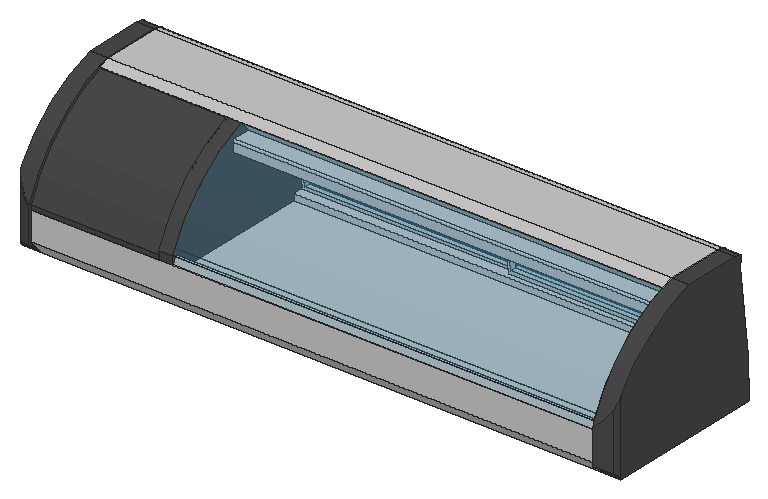
Revit family "QF_EVEREST_ESC47L", category Specialty Equipment, Revit 2015
Parameters (values of type "ESC47L")
  Weight in Pounds = 105
  Watts = if(Phase = 3, Volts * FL Amps * 1.73, Volts * FL Amps)  # 172.5 W
  Volts = 115 V
  URL Cutsheet = ""
  Specification by User = ""
  Specification by Manufacturer = ""
  Show Clearance [instance] = yes
  Show 4 Inches Back Splash [instance] = yes
  Serial Number = ""
  Seismic Rating = ""
  SMACNA No = ""
  Revision Code = ""
  Refrigerant Type [instance] = "R290"
  Phase = 1
  Number of Poles = 1
  NAFEM Spec ID Number = ""
  Model = "ESC47L"
  Min Ckt Ampacity = 0 A
  Max Overcurrent Protection = 0 A
  Masterspec = ""
  Manufacturer = "EVEREST"
  Length = 1200.00 mm
  Item Number = ""
  Installed By = ""
  Identify Quantity as Lot = yes
  Height = 283.00 mm
  HP = "1/8"
  Furnished By = ""
  Foodservice Equipment Identifier = yes
  FL Amps = 1.5 A
  Electrical Remarks = ""
  Electric Connection Type = ""
  Elec Conn RI Height = 0.00 mm
  Elec Conn Connection Height = 0.00 mm
  Description = "COUNTERTOP REFRIGERATED DISPLAY CASE"
  Depth = 349.00 mm
  Cycle = 60 Hz
  Conn Plug = "NEMA 5-15P"
  Conn Conduit = yes
  CSI MasterFormat = ""
  Base Height [instance] = if(Show 5 Inches Caster, 125.00 mm, 64.00 mm)  # 125.00 mm
  BTUH [instance] = 1211.0 Btu/h
  Apparent Power = if(Phase = 3, Volts * FL Amps * 1.73, Volts * FL Amps)  # 172.5 VA
  Show 5 Inches Caster [instance] = not(Show 2.5 Inches Caster)  # yes
  Show 2.5 Inches Caster [instance] = no
Reference planes
  plane 1 "BACK": y = 0
  plane 2: z = 0
  plane 3 "LEFT": x = 0
  plane 4 "RIGHT": x = 1200
  plane 5 "FRONT": y = -349
  plane 6 "TOP": z = 283
  plane 7 "Center Y": x = 600
  plane 8 "Center X": y = -174.5
  plane 9: z = 8
  plane 10: z = 33
  plane 11: z = 95
  plane 12: y = -19
  plane 13: y = -149
  plane 14: x = 742.75
Forms (mm)
  Extrusion 1, solid, material "QF_Plastic - Black - Coarse Textured"
    sketch origin (0, 0, 0) x (0, 1, 0) y (0, 0, 1)
      loop
        line (0, 9.5) -> (0, 91.234) -> (-20.748, 259.241)
        arc (-20.748, 259.241) -> (-20.763, 259.811) -> (-20.671, 260.374) r 3
        arc (-20.671, 260.374) -> (-18.826, 269.44) -> (-18.029, 278.658) r 80.818
        arc (-18.029, 278.658) -> (-18.635, 280.519) -> (-20.285, 281.571) r 2.901
        arc (-20.285, 281.571) -> (-26.602, 282.642) -> (-33, 283) r 57.29
        line (-33, 283) -> (-149, 283)
        arc (-149, 283) -> (-271.831, 213.288) -> (-349, 95) r 299.198
        line (-349, 95) -> (-349, 34.921)
        arc (-349, 34.921) -> (-348.544, 33.304) -> (-347.311, 32.163) r 3.096
        arc (-347.311, 32.163) -> (-331.731, 21.751) -> (-319, 8) r 80
        line (-319, 8) -> (-1.5, 8)
        arc (-1.5, 8) -> (-0.439, 8.439) -> (0, 9.5) r 1.5
    from 0 to 35
  Extrusion 2, solid, material "QF_Plastic - Black - Coarse Textured"
    sketch origin (1200, 0, 0) x (0, -1, 0) y (0, 0, 1)
      loop
        arc (0, 9.5) -> (0.439, 8.439) -> (1.5, 8) r 1.5
        line (1.5, 8) -> (319, 8)
        arc (319, 8) -> (331.731, 21.751) -> (347.311, 32.163) r 80
        arc (347.311, 32.163) -> (348.544, 33.304) -> (349, 34.921) r 3.096
        line (349, 34.921) -> (349, 95)
        arc (349, 95) -> (271.831, 213.288) -> (149, 283) r 299.198
        line (149, 283) -> (33, 283)
        arc (33, 283) -> (26.602, 282.642) -> (20.285, 281.571) r 57.29
        arc (20.285, 281.571) -> (18.635, 280.519) -> (18.029, 278.658) r 2.901
        arc (18.029, 278.658) -> (18.826, 269.44) -> (20.671, 260.374) r 80.818
        arc (20.671, 260.374) -> (20.763, 259.811) -> (20.748, 259.241) r 3
        line (20.748, 259.241) -> (0, 91.234) -> (0, 9.5)
    from 0 to 35
  Extrusion 3, solid, material "QF_Metal - Stainless - Polished"
    sketch origin (35, 0, 0) x (0, 1, 0) y (0, 0, 1)
      loop
        line (0, 91.234) -> (-40, 91.234) -> (-40, 78.508) -> (-327.644, 78.508) -> (-327.644, 106) -> (-334.908, 110.194) -> (-342.65, 95) -> (-342.65, 36.888) -> (-319, 8) -> (-1.5, 8)
        arc (-1.5, 8) -> (-0.439, 8.439) -> (0, 9.5) r 1.5
        line (0, 9.5) -> (0, 91.234)
      loop
        line (-17.644, 234.109) -> (-20.748, 259.241)
        arc (-20.748, 259.241) -> (-20.763, 259.811) -> (-20.671, 260.374) r 3
        arc (-20.671, 260.374) -> (-18.826, 269.44) -> (-18.029, 278.658) r 80.818
        arc (-18.029, 278.658) -> (-18.635, 280.519) -> (-20.285, 281.571) r 2.901
        arc (-20.285, 281.571) -> (-26.602, 282.642) -> (-33, 283) r 57.29
        line (-33, 283) -> (-149, 283)
        arc (-149, 283) -> (-160.018, 279.626) -> (-170.898, 275.829) r 299.198
        line (-170.898, 275.829) -> (-155.26, 255.814) -> (-190.018, 255.814)
        arc (-190.018, 255.814) -> (-192.572, 254.756) -> (-193.63, 252.203) r 3.611
        line (-193.63, 252.203) -> (-193.63, 233.834) -> (-179.56, 225.711) -> (-65.271, 225.711) -> (-17.644, 234.109)
    from 0 to 1130
  Extrusion 4, solid, material "QF_Plastic - Black - Coarse Textured"
    sketch origin (285.5, 0, 0) x (0, 1, 0) y (0, 0, 1)
      loop
        line (-342.65, 111.411) -> (-342.65, 95) -> (-334.908, 110.194) -> (-327.644, 106) -> (-327.644, 78.508) -> (-40, 78.508) -> (-40, 91.234) -> (0, 91.234) -> (-17.644, 234.109) -> (-57.036, 227.163) -> (-65.618, 275.829) -> (-140.26, 275.829) -> (-140.26, 255.814) -> (-155.26, 255.814) -> (-170.898, 275.829)
        arc (-170.898, 275.829) -> (-273.807, 211.414) -> (-342.65, 111.411) r 299.198
    from 6.2 to 35
  Extrusion 5, solid, material "QF_Plastic - Black - Coarse Textured"
    sketch origin (35, 0, 0) x (0, 1, 0) y (0, 0, 1)
      loop
        line (-342.65, 102.954) -> (-342.65, 95) -> (-334.908, 110.194) -> (-327.644, 106) -> (-327.644, 78.508) -> (-40, 78.508) -> (-40, 91.234) -> (0, 91.234) -> (-17.644, 234.109) -> (-57.036, 227.163) -> (-65.618, 275.829) -> (-140.26, 275.829) -> (-140.26, 255.814) -> (-155.26, 255.814) -> (-168.842, 273.198)
        arc (-168.842, 273.198) -> (-274.045, 206.757) -> (-342.65, 102.954) r 296.018
    from 0 to 256.7
  Extrusion 6, solid, material "Glass"
    sketch origin (320.5, 0, 0) x (0, 1, 0) y (0, 0, 1)
      loop
        arc (-170.898, 275.829) -> (-273.807, 211.414) -> (-342.65, 111.411) r 299.198
        line (-342.65, 111.411) -> (-342.65, 95) -> (-334.908, 110.194) -> (-334.908, 120.991)
        arc (-334.908, 120.991) -> (-266.919, 213.509) -> (-168.842, 273.198) r 296.018
        line (-168.842, 273.198) -> (-170.898, 275.829)
    from 0 to 844.5
  Revolve 7, solid, material "QF_Metal - Stainless - Polished"
    sketch origin (100, 0, 0) x (0, 1, 0) y (0, 0, 1)
      loop
        line (-305.48, 8) -> (-301.947, 1.881)
        arc (-301.947, 1.881) -> (-300.57, 0.504) -> (-298.689, 0) r 3.761
        line (-298.689, 0) -> (-286.813, 0) -> (-286.813, 8) -> (-305.48, 8)
      axis (-286.813, 0) -> (-286.813, 8)
    angle from 0 to 360
  Revolve 8, solid, material "QF_Metal - Stainless - Polished"
    sketch origin (100, 246.128, 0) x (0, 1, 0) y (0, 0, 1)
      loop
        line (-305.48, 8) -> (-301.947, 1.881)
        arc (-301.947, 1.881) -> (-300.57, 0.504) -> (-298.689, 0) r 3.761
        line (-298.689, 0) -> (-286.813, 0) -> (-286.813, 8) -> (-305.48, 8)
      axis (-286.813, 0) -> (-286.813, 8)
    angle from 0 to 360
  Revolve 9, solid, material "QF_Metal - Stainless - Polished"
    sketch origin (600, 0, 0) x (0, 1, 0) y (0, 0, 1)
      loop
        line (-305.48, 8) -> (-301.947, 1.881)
        arc (-301.947, 1.881) -> (-300.57, 0.504) -> (-298.689, 0) r 3.761
        line (-298.689, 0) -> (-286.813, 0) -> (-286.813, 8) -> (-305.48, 8)
      axis (-286.813, 0) -> (-286.813, 8)
    angle from 0 to 360
  Revolve 10, solid, material "QF_Metal - Stainless - Polished"
    sketch origin (600, 246.128, 0) x (0, 1, 0) y (0, 0, 1)
      loop
        line (-305.48, 8) -> (-301.947, 1.881)
        arc (-301.947, 1.881) -> (-300.57, 0.504) -> (-298.689, 0) r 3.761
        line (-298.689, 0) -> (-286.813, 0) -> (-286.813, 8) -> (-305.48, 8)
      axis (-286.813, 0) -> (-286.813, 8)
    angle from 0 to 360
  Revolve 11, solid, material "QF_Metal - Stainless - Polished"
    sketch origin (1100, 0, 0) x (0, 1, 0) y (0, 0, 1)
      loop
        line (-305.48, 8) -> (-301.947, 1.881)
        arc (-301.947, 1.881) -> (-300.57, 0.504) -> (-298.689, 0) r 3.761
        line (-298.689, 0) -> (-286.813, 0) -> (-286.813, 8) -> (-305.48, 8)
      axis (-286.813, 0) -> (-286.813, 8)
    angle from 0 to 360
  Revolve 12, solid, material "QF_Metal - Stainless - Polished"
    sketch origin (1100, 246.128, 0) x (0, 1, 0) y (0, 0, 1)
      loop
        line (-305.48, 8) -> (-301.947, 1.881)
        arc (-301.947, 1.881) -> (-300.57, 0.504) -> (-298.689, 0) r 3.761
        line (-298.689, 0) -> (-286.813, 0) -> (-286.813, 8) -> (-305.48, 8)
      axis (-286.813, 0) -> (-286.813, 8)
    angle from 0 to 360
  Extrusion 13, void
    sketch origin (0, 0, 0) x (1, 0, 0) y (0, 1, 0)
      loop
        line (0, -319) -> (-5, -319) -> (-5, -355.044) -> (55.13, -355.044) -> (55.13, -348.998)
        arc (55.13, -348.998) -> (29.399, -345.013) -> (6.576, -332.482) r 75.099
        arc (6.576, -332.482) -> (1.778, -326.477) -> (0, -319) r 17.583
      loop
        arc (1200, -319) -> (1198.222, -326.477) -> (1193.424, -332.482) r 17.583
        arc (1193.424, -332.482) -> (1170.601, -345.013) -> (1144.87, -348.998) r 75.099
        line (1144.87, -348.998) -> (1144.87, -355.044) -> (1205, -355.044) -> (1205, -319) -> (1200, -319)
    from 0 to 304.8
  Extrusion 14, solid, material "QF_Metal - Stainless - Polished"
    sketch origin (35, 0, 9.5) x (0, 0, 1) y (1, 0, 0)
      loop
        circle (44.754, 125.25) r 5
    from 0 to 6.35
  Extrusion 15, solid, material "QF_Metal - Stainless - Polished"
    sketch origin (1165, 0, 0) x (0, -1, 0) y (0, 0, 1)
      loop
        line (20, 91.234) -> (29.851, 91.234) -> (46.853, 228.959) -> (37.34, 230.636) -> (20, 91.234)
    from 0 to 422.25
  Extrusion 16, solid, material "QF_Metal - Stainless - Polished"
    sketch origin (742.75, 0, 0) x (0, -1, 0) y (0, 0, 1)
      loop
        line (20, 91.234) -> (37.34, 230.636) -> (27.828, 232.313) -> (10.146, 91.234) -> (20, 91.234)
    from 0 to 422.25
  Extrusion 17, void
    sketch origin (742.75, -27.765, 231.809) x (0, -0.12436, 0.992237) y (-1, 0, 0)
      loop
        line (-5.842, 6.35) -> (-5.842, 415.9) -> (-135.325, 415.9) -> (-135.325, 6.35) -> (-5.842, 6.35)
      loop
        line (-132.874, -415.9) -> (-6.875, -415.9) -> (-6.875, -6.35) -> (-132.874, -6.35) -> (-132.874, -415.9)
    from 0 to 31.919
  Extrusion 18, solid, material "Glass"
    sketch origin (742.75, -27.765, 231.809) x (0, 0.12436, -0.992237) y (-1, 0, 0)
      loop
        line (135.325, 415.9) -> (5.842, 415.9) -> (5.842, 6.35) -> (135.325, 6.35) -> (135.325, 415.9)
    from 0 to -9.712
  Extrusion 19, solid, material "Glass"
    sketch origin (1165, -37.34, 230.636) x (0, 0.123439, -0.992352) y (-1, 0, 0)
      loop
        line (132.91, 6.35) -> (132.91, 415.9) -> (6.91, 415.9) -> (6.91, 6.35) -> (132.91, 6.35)
    from 0 to -9.712
  Extrusion 20, solid, material "QF_Metal - Stainless - Polished"
    sketch origin (742.75, -17.567, 233.599) x (0, -0.992237, -0.12436) y (1, 0, 0)
      loop
        line (10.341, -417.364) -> (0.121, -417.364) -> (0.121, -409.364) -> (-1.879, -409.364) -> (-1.879, -419.364) -> (10.341, -419.364) -> (10.341, -417.364)
      loop
        line (20.118, 417.364) -> (20.118, 419.364) -> (6.648, 419.364) -> (6.648, 409.364) -> (8.648, 409.364) -> (8.648, 417.364) -> (20.118, 417.364)
    from -42.344 to -98.382
Cuts and joins
  Extrusion 13 cuts Extrusion 1
  Extrusion 17 cuts Extrusion 6
  Extrusion 17 cuts Extrusion 16
  Extrusion 17 cuts Extrusion 15
  Extrusion 13 cuts Extrusion 2
Lines and regions (mm)
  symbolic lines
    curve 1: line (0, 0, 0) -> (1200, 0, 0)
    curve 2: line (1200, 0, 0) -> (1200, -319, 0)
    curve 3: line (0, 0, 0) -> (0, -319, 0)
    curve 4: line (1147.848, -349, 0) -> (52.152, -349, 0)
    curve 5: arc (6.576, -332.482, 0) -> (1.778, -326.477, 0) -> (0, -319, 0) r 17.583
    curve 6: arc (52.152, -349, 0) -> (27.994, -344.52, 0) -> (6.576, -332.482, 0) r 75.099
    curve 7: arc (1193.424, -332.482, 0) -> (1172.006, -344.52, 0) -> (1147.848, -349, 0) r 75.099
    curve 8: arc (1200, -319, 0) -> (1198.222, -326.477, 0) -> (1193.424, -332.482, 0) r 17.583
    curve 9: line (35, -346.678, 0) -> (35, 0, 0)
    curve 10: line (1165, 0, 0) -> (1165, -346.678, 0)
    curve 11: line (35, -149, 0) -> (1165, -149, 0)
    curve 12: line (35, -170.898, 0) -> (1165, -170.898, 0)
    curve 13: line (291.7, -170.898, 0) -> (291.7, -342.65, 0)
    curve 14: line (320.5, -170.898, 0) -> (320.5, -342.65, 0)
    curve 15: line (35, -342.65, 0) -> (1165, -342.65, 0)
Dimensions and locks
  equal spacing: plane 3 "LEFT", plane 7 "Center Y", plane 4 "RIGHT"
  "Length": plane 3 "LEFT" to plane 4 "RIGHT"
  equal spacing: plane 5 "FRONT", plane 8 "Center X", plane 1 "BACK"
  "Depth": plane 5 "FRONT" to plane 1 "BACK"
  "Height": plane 6 "TOP" to plane 2
  plane 9 to plane 2 = 8.00 mm
  plane 10 to plane 9 = 25.00 mm
  plane 11 to plane 9 = 87.00 mm
  aligned and locked: plane 2 to level
Automatic sketch dimensions
  Extrusion 1 sketch curve to plane 5 "FRONT" = 0.00 mm
  Extrusion 1 sketch curve to plane 9 = 0.00 mm
  Extrusion 1 sketch curve to plane 6 "TOP" = 0.00 mm
  Extrusion 1 sketch curve to plane 13 = 0.00 mm
  Extrusion 1 sketch curve to plane 1 "BACK" = 0.00 mm
  Extrusion 1 sketch curve to plane 11 = 0.00 mm
  plane 5 "FRONT" to Extrusion 1 sketch curve = 34.666 mm
  Extrusion 1 sketch curve to Extrusion 1 sketch curve = 3.096 mm
  Extrusion 1 sketch curve to plane 5 "FRONT" = 30.00 mm
  Extrusion 1 sketch curve to plane 6 "TOP" = 2.00 mm
  plane 13 to Extrusion 1 sketch curve = 50.187 mm
  Extrusion 1 sketch curve to level = 4.716 mm
  Extrusion 1 sketch curve to plane 12 = 14.00 mm
  Extrusion 1 sketch curve to plane 12 = 1.928 mm
  Extrusion 1 sketch curve to plane 12 = 1.748 mm
  plane 12 to Extrusion 1 sketch curve = 1.23 mm
  plane 1 "BACK" to Extrusion 1 sketch curve = 1.50 mm
  Extrusion 1 sketch curve to level = 39.099 mm
  plane 10 to Extrusion 1 sketch curve = 1.921 mm
  Extrusion 1 sketch curve to plane 11 = 3.766 mm
  Extrusion 1 sketch curve to Extrusion 1 sketch curve = 57.29 mm
  Extrusion 1 sketch curve to plane 6 "TOP" = 23.759 mm
  Extrusion 1 sketch curve to Extrusion 1 sketch curve = 0.368 mm
  Extrusion 1 sketch curve to plane 6 "TOP" = 4.258 mm
  Extrusion 1 sketch curve to Extrusion 1 sketch curve = 0.00 mm  (x2)
  Extrusion 2 sketch curve to plane 1 "BACK" = 0.00 mm
  Extrusion 2 sketch curve to plane 9 = 0.00 mm
  Extrusion 2 sketch curve to plane 6 "TOP" = 0.00 mm
  Extrusion 2 sketch curve to plane 13 = 0.00 mm
  Extrusion 2 sketch curve to plane 5 "FRONT" = 0.00 mm
  Extrusion 2 sketch curve to plane 11 = 0.00 mm
  Extrusion 2 sketch curve to Extrusion 2 sketch curve = 1.50 mm
  plane 12 to Extrusion 2 sketch curve = 1.23 mm
  Extrusion 2 sketch curve to plane 12 = 1.748 mm
  Extrusion 2 sketch curve to plane 12 = 1.928 mm
  Extrusion 2 sketch curve to plane 12 = 14.00 mm
  Extrusion 2 sketch curve to level = 4.716 mm
  Extrusion 2 sketch curve to plane 6 "TOP" = 2.00 mm
  plane 13 to Extrusion 2 sketch curve = 50.187 mm
  Extrusion 2 sketch curve to plane 5 "FRONT" = 30.00 mm
  Extrusion 2 sketch curve to Extrusion 2 sketch curve = 3.096 mm
  plane 5 "FRONT" to Extrusion 2 sketch curve = 34.666 mm
  Extrusion 2 sketch curve to level = 39.099 mm
  plane 10 to Extrusion 2 sketch curve = 1.921 mm
  Extrusion 2 sketch curve to plane 11 = 3.766 mm
  Extrusion 2 sketch curve to Extrusion 2 sketch curve = 57.29 mm
  Extrusion 2 sketch curve to plane 6 "TOP" = 23.759 mm
  Extrusion 2 sketch curve to Extrusion 2 sketch curve = 0.368 mm
  Extrusion 2 sketch curve to plane 6 "TOP" = 4.258 mm
  plane 12 to Extrusion 2 sketch curve = 0.971 mm
  Extrusion 2 sketch curve to Extrusion 2 sketch curve = 0.00 mm
  Extrusion 3 sketch curve to Extrusion 1 = 0.00 mm  (x2)
  Extrusion 3 sketch curve to Extrusion 1 = 27.186 mm
  Extrusion 3 sketch curve to Extrusion 3 sketch curve = 6.26 mm
  Extrusion 3 sketch curve to Extrusion 1 = 7.171 mm
  Extrusion 3 sketch curve to Extrusion 3 sketch curve = 24.30 mm
  Extrusion 3 sketch curve to Extrusion 3 sketch curve = 19.121 mm
  Extrusion 3 sketch curve to Extrusion 3 sketch curve = 3.611 mm
  Extrusion 3 sketch curve to Extrusion 1 = 30.00 mm
  Extrusion 3 sketch curve to Extrusion 1 = 21.356 mm
  Extrusion 3 sketch curve to Extrusion 3 sketch curve = 7.264 mm
  Extrusion 3 sketch curve to Extrusion 1 = 6.35 mm
  Extrusion 3 sketch curve to Extrusion 3 sketch curve = 32.271 mm
  Extrusion 3 sketch curve to Extrusion 1 = 40.00 mm
  Extrusion 3 sketch curve to Extrusion 3 sketch curve = 0.077 mm
  Extrusion 3 sketch curve to Extrusion 3 sketch curve = 15.356 mm
  Extrusion 3 sketch curve to Extrusion 1 = 28.888 mm
  Extrusion 3 sketch curve to Extrusion 3 sketch curve = 41.62 mm
  Extrusion 3 sketch curve to Extrusion 3 sketch curve = 16.492 mm
  Extrusion 3 sketch curve to Extrusion 3 sketch curve = 11.00 mm
  Extrusion 3 sketch curve to Extrusion 3 sketch curve = 4.194 mm
  Extrusion 3 sketch curve to Extrusion 3 sketch curve = 26.491 mm
  Extrusion 3 sketch curve to Extrusion 3 sketch curve = 8.123 mm
  Extrusion 4 sketch curve to plane 11 = 0.00 mm
  Extrusion 4 sketch curve to plane 1 "BACK" = 0.00 mm
  plane 12 to Extrusion 4 sketch curve = 1.356 mm
  Extrusion 4 sketch curve to plane 11 = 3.766 mm
  Extrusion 4 sketch curve to plane 12 = 21.00 mm
  Extrusion 4 sketch curve to plane 12 = 38.036 mm
  Extrusion 4 sketch curve to plane 6 "TOP" = 7.171 mm
  Extrusion 4 sketch curve to plane 12 = 46.618 mm
  Extrusion 4 sketch curve to level = 4.716 mm
  Extrusion 4 sketch curve to plane 12 = 47.907 mm
  plane 13 to Extrusion 4 sketch curve = 8.74 mm
  Extrusion 4 sketch curve to plane 13 = 6.26 mm
  plane 8 "Center X" to Extrusion 4 sketch curve = 3.602 mm
  Extrusion 4 sketch curve to plane 5 "FRONT" = 21.356 mm
  Extrusion 4 sketch curve to Extrusion 4 sketch curve = 7.264 mm
  Extrusion 4 sketch curve to plane 5 "FRONT" = 6.35 mm
  Extrusion 4 sketch curve to plane 11 = 16.492 mm
  plane 11 to Extrusion 4 sketch curve = 11.00 mm
  Extrusion 4 sketch curve to Extrusion 4 sketch curve = 4.194 mm
  Extrusion 4 sketch curve to Extrusion 4 sketch curve = 1.218 mm
  Extrusion 4 sketch curve to Extrusion 4 sketch curve = 48.666 mm
  Extrusion 4 sketch curve to Extrusion 4 sketch curve = 20.015 mm
  Extrusion 5 sketch curve to Extrusion 1 = 0.00 mm  (x3)
  Extrusion 5 sketch curve to Extrusion 1 = 27.186 mm
  Extrusion 5 sketch curve to Extrusion 1 = 140.26 mm
  Extrusion 5 sketch curve to Extrusion 5 sketch curve = 15.00 mm
  Extrusion 5 sketch curve to Extrusion 1 = 9.802 mm
  Extrusion 5 sketch curve to Extrusion 1 = 21.356 mm
  Extrusion 5 sketch curve to Extrusion 5 sketch curve = 7.264 mm
  Extrusion 5 sketch curve to Extrusion 1 = 6.35 mm
  Extrusion 5 sketch curve to Extrusion 1 = 7.171 mm
  Extrusion 5 sketch curve to Extrusion 1 = 65.618 mm
  Extrusion 5 sketch curve to Extrusion 5 sketch curve = 8.581 mm
  Extrusion 5 sketch curve to Extrusion 1 = 40.00 mm
  Extrusion 5 sketch curve to Extrusion 1 = 17.644 mm
  Extrusion 5 sketch curve to Extrusion 5 sketch curve = 12.726 mm
  Extrusion 5 sketch curve to Extrusion 5 sketch curve = 7.954 mm
  Extrusion 5 sketch curve to Extrusion 5 sketch curve = 3.046 mm
  Extrusion 5 sketch curve to Extrusion 5 sketch curve = 4.194 mm
  Extrusion 6 sketch curve to Extrusion 4 = 0.00 mm  (x5)
  Extrusion 4 to Extrusion 6 sketch curve = 0.00 mm
  Revolve 7 sketch curve to plane 9 = 0.00 mm
  Revolve 7 sketch curve to level = 0.00 mm
  Revolve 7 sketch curve to plane 5 "FRONT" = 43.52 mm
  level to Revolve 7 sketch curve = 1.881 mm
  Revolve 7 sketch curve to Revolve 7 sketch curve = 3.533 mm
  level to Revolve 7 sketch curve = 3.761 mm
  Revolve 7 sketch curve to Revolve 7 sketch curve = 11.876 mm
  Revolve 7 sketch curve to Revolve 7 sketch curve = 0.00 mm
  plane 9 to Revolve 7 sketch curve = 2.06 mm
  Revolve 7 sketch curve to Revolve 7 sketch curve = 2.108 mm
  Revolve 8 sketch curve to plane 9 = 0.00 mm
  Revolve 8 sketch curve to level = 0.00 mm
  Revolve 8 sketch curve to plane 12 = 40.351 mm
  level to Revolve 8 sketch curve = 1.881 mm
  Revolve 8 sketch curve to Revolve 8 sketch curve = 3.533 mm
  Revolve 8 sketch curve to Revolve 8 sketch curve = 3.257 mm
  Revolve 8 sketch curve to Revolve 8 sketch curve = 11.876 mm
  Revolve 8 sketch curve to Revolve 8 sketch curve = 0.00 mm
  plane 9 to Revolve 8 sketch curve = 2.06 mm
  Revolve 8 sketch curve to Revolve 8 sketch curve = 2.108 mm
  Revolve 9 sketch curve to plane 9 = 0.00 mm
  Revolve 9 sketch curve to level = 0.00 mm
  Revolve 9 sketch curve to plane 5 "FRONT" = 43.52 mm
  level to Revolve 9 sketch curve = 1.881 mm
  Revolve 9 sketch curve to Revolve 9 sketch curve = 3.533 mm
  level to Revolve 9 sketch curve = 3.761 mm
  Revolve 9 sketch curve to Revolve 9 sketch curve = 11.876 mm
  Revolve 9 sketch curve to Revolve 9 sketch curve = 0.00 mm
  plane 9 to Revolve 9 sketch curve = 2.06 mm
  Revolve 9 sketch curve to Revolve 9 sketch curve = 2.108 mm
  Revolve 10 sketch curve to plane 9 = 0.00 mm
  Revolve 10 sketch curve to level = 0.00 mm
  Revolve 10 sketch curve to plane 12 = 40.351 mm
  level to Revolve 10 sketch curve = 1.881 mm
  Revolve 10 sketch curve to Revolve 10 sketch curve = 3.533 mm
  level to Revolve 10 sketch curve = 3.761 mm
  Revolve 10 sketch curve to Revolve 10 sketch curve = 11.876 mm
  Revolve 10 sketch curve to Revolve 10 sketch curve = 0.00 mm
  plane 9 to Revolve 10 sketch curve = 2.06 mm
  Revolve 10 sketch curve to Revolve 10 sketch curve = 2.108 mm
  Revolve 11 sketch curve to plane 9 = 0.00 mm
  Revolve 11 sketch curve to level = 0.00 mm
  Revolve 11 sketch curve to plane 5 "FRONT" = 43.52 mm
  level to Revolve 11 sketch curve = 1.881 mm
  Revolve 11 sketch curve to Revolve 11 sketch curve = 3.533 mm
  level to Revolve 11 sketch curve = 3.761 mm
  Revolve 11 sketch curve to Revolve 11 sketch curve = 11.876 mm
  Revolve 11 sketch curve to Revolve 11 sketch curve = 0.00 mm
  plane 9 to Revolve 11 sketch curve = 2.06 mm
  Revolve 11 sketch curve to Revolve 11 sketch curve = 2.108 mm
  Revolve 12 sketch curve to plane 9 = 0.00 mm
  Revolve 12 sketch curve to level = 0.00 mm
  Revolve 12 sketch curve to plane 12 = 40.351 mm
  level to Revolve 12 sketch curve = 1.881 mm
  Revolve 12 sketch curve to Revolve 12 sketch curve = 3.533 mm
  level to Revolve 12 sketch curve = 3.761 mm
  Revolve 12 sketch curve to Revolve 12 sketch curve = 11.876 mm
  Revolve 12 sketch curve to Revolve 12 sketch curve = 0.00 mm
  plane 9 to Revolve 12 sketch curve = 2.06 mm
  Revolve 12 sketch curve to Revolve 12 sketch curve = 2.108 mm
  Extrusion 13 sketch curve to plane 3 "LEFT" = 0.00 mm
  Extrusion 13 sketch curve to plane 4 "RIGHT" = 0.00 mm
  Extrusion 13 sketch curve to plane 3 "LEFT" = 5.00 mm
  plane 3 "LEFT" to Extrusion 13 sketch curve = 17.582 mm
  plane 3 "LEFT" to Extrusion 13 sketch curve = 53.583 mm
  plane 5 "FRONT" to Extrusion 13 sketch curve = 6.044 mm  (x2)
  Extrusion 13 sketch curve to Extrusion 13 sketch curve = 37.549 mm
  Extrusion 13 sketch curve to plane 5 "FRONT" = 0.002 mm  (x2)
  plane 4 "RIGHT" to Extrusion 13 sketch curve = 55.13 mm
  plane 4 "RIGHT" to Extrusion 13 sketch curve = 53.583 mm
  plane 4 "RIGHT" to Extrusion 13 sketch curve = 17.582 mm
  Extrusion 13 sketch curve to plane 4 "RIGHT" = 5.00 mm
  Extrusion 13 sketch curve to plane 5 "FRONT" = 30.00 mm  (x2)
  Extrusion 13 sketch curve to Extrusion 13 sketch curve = 0.231 mm  (x2)
  Extrusion 13 sketch curve to Extrusion 13 sketch curve = 44.855 mm  (x2)
  Extrusion 14 sketch curve to Extrusion 3 = 36.98 mm
  Extrusion 3 to Extrusion 14 sketch curve = 125.25 mm
  Extrusion 16 sketch curve to Extrusion 15 = 0.00 mm  (x3)
  Extrusion 15 to Extrusion 16 sketch curve = 0.00 mm  (x2)
  Extrusion 16 sketch curve to Extrusion 15 = 141.079 mm
  Extrusion 16 sketch curve to Extrusion 16 sketch curve = 9.854 mm
  Extrusion 17 sketch curve to Extrusion 16 = 6.35 mm  (x4)
  Extrusion 16 to Extrusion 17 sketch curve = 6.35 mm
  Extrusion 17 sketch curve to Extrusion 16 = 8.801 mm
  Extrusion 17 sketch curve to Extrusion 16 = 7.383 mm
  Extrusion 17 sketch curve to Extrusion 17 sketch curve = 409.55 mm
  Extrusion 15 sketch curve to Extrusion 2 = 54.041 mm
  Extrusion 15 sketch curve to Extrusion 15 sketch curve = 1.677 mm
  Extrusion 15 sketch curve to Extrusion 15 sketch curve = 9.851 mm
  Extrusion 15 sketch curve to Extrusion 2 = 20.00 mm
  Extrusion 15 sketch curve to Extrusion 2 = 37.34 mm
  Extrusion 15 sketch curve to Extrusion 15 sketch curve = 9.513 mm
  Extrusion 15 sketch curve to Extrusion 2 = 83.234 mm
  Extrusion 16 to Extrusion 18 sketch curve = 6.35 mm  (x4)
  Extrusion 15 to Extrusion 19 sketch curve = 6.91 mm
  Extrusion 15 to Extrusion 19 sketch curve = 7.567 mm
  Extrusion 15 to Extrusion 19 sketch curve = 6.35 mm  (x2)
  Extrusion 20 sketch curve to plane 7 "Center Y" = 266.614 mm
  Extrusion 20 sketch curve to Extrusion 20 sketch curve = 2.00 mm  (x4)
  plane 4 "RIGHT" to Extrusion 20 sketch curve = 37.886 mm
  Extrusion 20 sketch curve to Extrusion 20 sketch curve = 6.527 mm
  Extrusion 20 sketch curve to Extrusion 20 sketch curve = 10.22 mm
  Extrusion 20 sketch curve to Extrusion 20 sketch curve = 11.47 mm
  Extrusion 20 sketch curve to Extrusion 20 sketch curve = 8.00 mm
  Extrusion 20 sketch curve to Extrusion 20 sketch curve = 10.00 mm
  curve 1 to plane 3 "LEFT" = 0.00 mm
  curve 2 to plane 5 "FRONT" = 30.00 mm
  plane 1 "BACK" to curve 3 = 0.00 mm
  curve 3 to plane 5 "FRONT" = 30.00 mm
  plane 3 "LEFT" to curve 4 = 52.152 mm
  plane 3 "LEFT" to curve 5 = 17.582 mm
  curve 5 to curve 5 = 0.231 mm
  plane 3 "LEFT" to curve 5 = 6.576 mm
  curve 6 to curve 5 = 0.00 mm
  plane 4 "RIGHT" to curve 8 = 17.582 mm
  curve 8 to plane 5 "FRONT" = 30.231 mm
  curve 8 to curve 7 = 44.855 mm
  curve 7 to curve 8 = 34.57 mm
  curve 8 to curve 7 = 0.00 mm
  plane 5 "FRONT" to curve 4 = 0.00 mm
  curve 8 to plane 4 "RIGHT" = 0.00 mm
  curve 9 to plane 5 "FRONT" = 2.322 mm
  curve 10 to plane 5 "FRONT" = 2.322 mm
  curve 11 to plane 13 = 0.00 mm
  plane 8 "Center X" to curve 12 = 3.602 mm
  curve 9 to curve 13 = 256.70 mm
  curve 13 to plane 5 "FRONT" = 6.35 mm
  curve 15 to plane 5 "FRONT" = 6.35 mm
  curve 15 to curve 13 = 256.70 mm
  curve 14 to plane 5 "FRONT" = 6.35 mm
  curve 13 to curve 14 = 28.80 mm
  radius of Extrusion 3 sketch curve to Extrusion 1 = 0.00 mm  (x6)
  radius of Extrusion 5 sketch curve to Extrusion 1 = 3.18 mm
  radius of Extrusion 6 sketch curve to Extrusion 4 = 0.00 mm
  radius of Extrusion 6 sketch curve to Extrusion 4 = 3.18 mm
  radius of Extrusion 14 sketch curve = 5.00 mm
Connectors
  electrical at (160.25, 6.35, 54.254), driven by "Volts", driven by "Watts"
    settings: on Extrusion 14, index 1, voltage 115 V, apparent load 172.5 VA, apparent load phase1 0 VA, apparent load phase2 0 VA, apparent load phase3 0 VA, power factor 1, load classification "Other", number of poles 1, system type 30, power factor state 1, is connector primary yes, connector utility no, sub classification motor no, connector description "ELECTRICAL CONNECTION"
